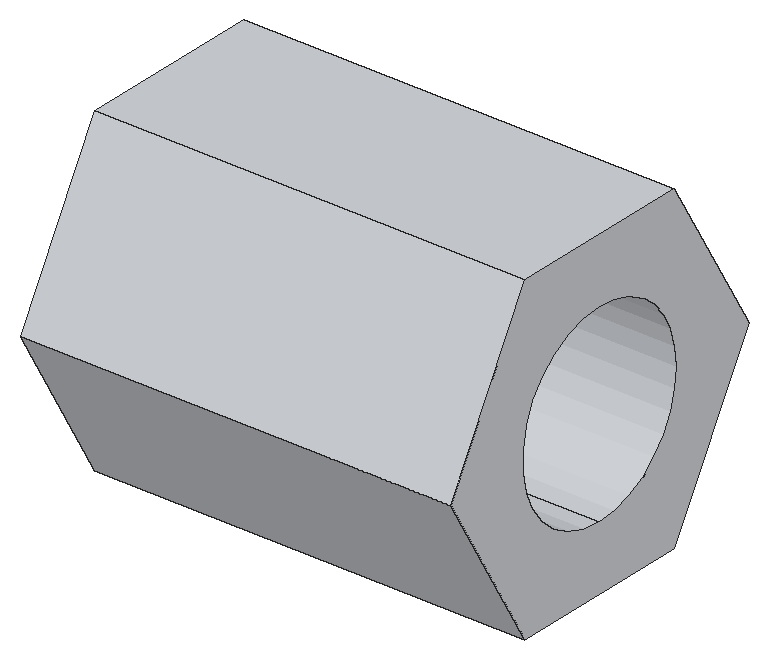
Revit family "TR2003", category Verbindungsmittel, Revit 2021
Family settings
  OmniClass-Nummer = 23.25.10.27.11.21
  OmniClass-Titel = Reinforcement Couplers
  Arbeitsebenenbasiert = Nein
  Immer vertikal = Nein
  Beim Laden mit Abzugskörper schneiden = Nein
  Gemeinsam genutzt = Nein
Parameters (values of type "TR 2003-ø18")
  URL = "http//:www.annahuette.com"
  Typenkommentare = "TR 2003 - Kontermutter, lang"
  Typenbild = TR2003.png
  TR2003-ød = 18 mm
  TR2003-SW_Vis = [TR2003-SW] = [TR2003-SW]  # yes
  TR2003-SW = 30 mm
  TR2003-L_Vis = [TR2003-L] = [TR2003-L]  # yes
  TR2003-L = 40 mm
  TR2003-G_Vis = [TR2003-G] = [TR2003-G]  # yes
  TR2003-G = 0.16 kg
  Stabgröße 2 = Keine
  Stabgröße 1 = SAS 670 - ø18
  Modell = "TR 2003"
  Körper = if([TR2003-G_Vis], [TR2003-G], 0.00 kg)  # 0,16 kg
  Hersteller = "Stahlwerk Annahütte Max Aicher GmbH Co.KG"
  Gesamtlänge = if([TR2003-L_Vis], [TR2003-L], 0 mm)  # 40 mm
  Endenbearbeitung 2 = Mit Gewinde
  Endenbearbeitung 1 = Mit Gewinde
  Einfassung Stab 2 = 0 mm  # constant formula
  Einfassung Stab 1 = if([TR2003-L_Vis], [TR2003-L], 0 mm)  # 40 mm
  Beschreibung = "TR2003-ø18"
  Außendurchmesser = if([TR2003-SW_Vis], [TR2003-SW], 0 mm)  # 30 mm
Types (11, lengths in mm): name | TR2003-ød | TR2003-SW | TR2003-L | TR2003-G | Stabgröße 1 | Körper | Gesamtlänge | Einfassung Stab 2 | Einfassung Stab 1 | Beschreibung | Außendurchmesser
  (no name) | 18 | 30 | 40 | 0.16 kg | SAS 670 - ø18 | 0.16 (stored number, unit not read) | 40 | (empty or 0) | 0.13123 (stored number, unit not read) | "TR2003-ø18" | 30
  TR 2003-ø18 | 18 | 30 | 40 | 0.16 kg | SAS 670 - ø18 | 0,16 kg | 40 | 0 mm | 40 mm | "TR2003-ø18" | 30
  TR 2003-ø22 | 22 | 36 | 45 | 0.25 kg | SAS 670 - ø22 | 0,25 kg | 45 | 0 mm | 45 mm | "TR2003-ø22" | 36
  TR 2003-ø25 | 25 | 41 | 50 | 0.37 kg | SAS 670 - ø25 | 0,37 kg | 50 | 0 mm | 50 mm | "TR2003-ø25" | 41
  TR 2003-ø28 | 28 | 46 | 55 | 0.50 kg | SAS 670 - ø28 | 0,50 kg | 55 | 0 mm | 55 mm | "TR2003-ø28" | 46
  TR 2003-ø30 | 30 | 50 | 60 | 0.67 kg | SAS 670 - ø30 | 0,67 kg | 60 | 0 mm | 60 mm | "TR2003-ø30" | 50
  TR 2003-ø35 | 35 | 55 | 65 | 0.78 kg | SAS 670 - ø35 | 0,78 kg | 65 | 0 mm | 65 mm | "TR2003-ø35" | 55
  TR 2003-ø43 | 43 | 70 | 80 | 1.60 kg | SAS 670 - ø43 | 1,60 kg | 80 | 0 mm | 80 mm | "TR2003-ø43" | 70
  TR 2003-ø50 | 50 | 80 | 90 | 2.27 kg | SAS 670 - ø50 | 2,27 kg | 90 | 0 mm | 90 mm | "TR2003-ø50" | 80
  TR 2003-ø57,5 | 57.5 | 90 | 100 | 3.71 kg | SAS 670 - ø57,5 | 3,71 kg | 100 | 0 mm | 100 mm | "TR2003-ø57,5" | 90
  TR 2003-ø63,5 | 63.5 | 100 | 115 | 5.45 kg | SAS 670 - ø63,5 | 5,45 kg | 115 | 0 mm | 115 mm | "TR2003-ø63,5" | 100
Reference planes
  plane 1: y = 0
  plane 2: z = 0
  plane 3: x = 0
  plane 4: through (-1200, 0, 0) normal (0, -0.866, -0.5)
  plane 5: through (-1200, 0, 0) normal (0, -0.866, 0.5)
Forms (mm)
  Extrusion 1, solid
    sketch origin (0, 0, 0) x (0, 0, 1) y (0, 1, 0)
      loop
        line (-15, -8.66) -> (0, -17.321) -> (15, -8.66) -> (15, 8.66) -> (0, 17.321) -> (-15, 8.66) -> (-15, -8.66)
      loop
        circle (0, 0) r 9
    from 0 to 40 <- "TR2003-L"
Dimensions and locks
  "TR2003-SW": Extrusion 1 sketch curve to Extrusion 1 sketch curve  (x3)
  "Gesamtlänge": Extrusion 1 to plane 3
  "TR2003-ød": diameter of Extrusion 1 sketch curve
  angle plane 4 to plane 5 = 60.00°
Automatic sketch dimensions
  plane 4 to Extrusion 1 sketch curve = 0 mm  (x2)
  Extrusion 1 sketch curve to plane 5 = 0 mm
  Extrusion 1 sketch curve to level = 0 mm  (x3)
  Extrusion 1 sketch curve to plane 1 = 0 mm
